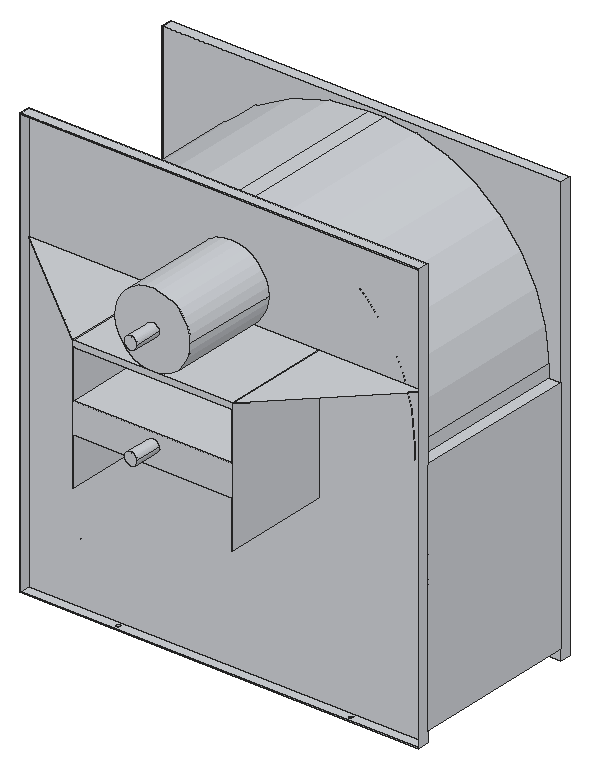
Revit family "CA-4_SWSI_ARR_2_CCW_BHD", category Mechanical Equipment, Revit 2019
Family settings
  Round Connector Dimension = Use Radius
  Part Type = Normal
  Work Plane-Based = No
  Always vertical = Yes
  Cut with Voids When Loaded = No
  Shared = No
  Room Calculation Point = No
Parameters (values of type "600_CA-4_SWSI_ARR_2_CCW_BHD_CLASS_2")
  S = 32"
  R = 49 5/16"
  P = 24 21/32"
  O/2 = O / 2  # 17/32"
  O = 1 1/16"
  N/2 = N / 2  # 1 23/32"
  N = 3 7/16"
  ModelID [instance] = ""
  MOTOR_RAD = N * 3  # 10 5/16"
  M = 66 11/16"
  L = 10"
  K = 56 11/16"
  J = 3"
  INLET_RAD/2 = INLET_RAD / 2  # 16 1/2"
  INLET_RAD+1.5" = INLET_RAD + 1 1/2"  # 34 1/2"
  INLET_RAD = INLET_DIA / 2  # 33"
  INLET_DIA = 66"
  H = 51 5/8"
  G/5 = G / 5  # 21.925"
  G = 109 5/8"
  F = 118"
  Unit Weight [instance] = ""
  Sones [instance] = ""
  Motor RPM [instance] = ""
  Motor Enclosure [instance] = ""
  LwA [instance] = ""
  Fan RPM [instance] = ""
  E = 49 3/4"
  E-(INLET_RAD+1.5") = F - E - (INLET_RAD + 1 1/2")  # 33 3/4"
  E+(INLET_RAD+1.5") = F - E + (INLET_RAD + 1 1/2")  # 102 3/4"
  F-E = F - E  # 68 1/4"
  D-((D-B)/2) = D - ((D - B) / 2)  # 48 13/16"
  D = 51 13/16"
  B = 45 13/16"
  Accessories [instance] = ""
  ARR_2_L-ARR_2_K = ARR_2_L - ARR_2_K  # 26 7/8"
  ARR_2_L = 34 3/8"
  ARR_2_K = 7 1/2"
  A = 65 5/8"
  3" = 3"  # constant formula
  Brake Hp [instance] = ""
  4" = 4"  # constant formula
  2N = N + N  # 6 7/8"
  2' = 24"
  2" = 2"  # constant formula
  1" = 1"  # constant formula
  0 = 0"  # constant formula
  Voltage [instance] = 0 V
  URL = "www.lorencook.com"
  Type Comments = "Airfoil Centrifugal Blower Arrangement 2 Counter-Clockwise Bottom Horizontal Discharge"  # constant formula
  Static Pressure [instance] = 0.00 in-wg
  Power [instance] = Voltage * Motor FLA * sqrt(if(Phase = 3, 3, 1))  # 0 VA
  Phase [instance] = 0
  Number of Poles [instance] = 1
  Motor Hp [instance] = "0"
  Motor FLA [instance] = 0 A
  Model = "CA-4 SWSI ARR 2 CCW BHD CLASS 2"
  Manufacturer = "Loren Cook Company"
  CFM [instance] = 0 CFM
  1.5 = 1 1/2"  # constant formula
  ONE EIGTH = 1/8"  # constant formula
  -(ARR_2_L - ARR_2_K) = -(ARR_2_L - ARR_2_K)  # -26 7/8"
  -(((K-B)/2)-.125") = -(((K - B) / 2) - 1/8")  # -5 5/16"
  -(((D - B) / 2) - 1/8") = -(((D - B) / 2) - 1/8")  # -2 7/8"
  (R-B)/2 = (R - B) / 2  # 1 3/4"
  ((K-B)/2)+B = ((K - B) / 2) + B  # 51 1/4"
  (D-B)/2 = (D - B) / 2  # 3"
  -(((K-B)/2)+L) = -(((K - B) / 2) + L)  # -15 7/16"
  ((D-B)/2)-.125" = ((D - B) / 2) - 1/8"  # 2 7/8"
Types (55): name | S | R | P | O/2 | O | N/2 | N | MOTOR_RAD | M | L | K | J | INLET_RAD/2 | INLET_RAD+1.5" | INLET_RAD | INLET_DIA | H | G/5 | G | F | E | E-(INLET_RAD+1.5") | E+(INLET_RAD+1.5") | F-E | D-((D-B)/2) | D | B | ARR_2_L-ARR_2_K | ARR_2_L | ARR_2_K | A | 2N | Model | -(ARR_2_L - ARR_2_K) | -(((K-B)/2)-.125") | -(((D - B) / 2) - 1/8") | (R-B)/2 | ((K-B)/2)+B | (D-B)/2 | -(((K-B)/2)+L) | ((D-B)/2)-.125"
  (no name) | 32" | 49 5/16" | 24 21/32" | 17/32" | 1 1/16" | 1 23/32" | 3 7/16" | 10 5/16" | 66 11/16" | 10" | 56 11/16" | 3" | 16 1/2" | 34 1/2" | 33" | 66" | 51 5/8" | 21.925" | 109 5/8" | 118" | 49 3/4" | 33 3/4" | 102 3/4" | 68 1/4" | 48 13/16" | 51 13/16" | 45 13/16" | 26 7/8" | 34 3/8" | 7 1/2" | 65 5/8" | 6 7/8" | "CA-4 SWSI ARR 2 CCW BHD CLASS 2" | -26 7/8" | -5 5/16" | -2 7/8" | 1 3/4" | 51 1/4" | 3" | -15 7/16" | 2 7/8"
  120_CA-4_SWSI_ARR_2_CCW_BHD_CLASS_1 | 7 1/2" | 11 7/16" | 5 23/32" | 11/32" | 11/16" | 1/2" | 1" | 3" | 18 7/8" | 3" | 15 7/8" | 2" | 4 1/16" | 9 5/8" | 8 1/8" | 16 1/4" | 10 3/8" | 4.55" | 22 3/4" | 25 3/4" | 10 3/4" | 5 3/8" | 24 5/8" | 15" | 11 3/16" | 13 3/16" | 9 3/16" | 17 5/8" | 21 5/8" | 4" | 13 1/8" | 2" | "CA-4 SWSI ARR 2 CCW BHD CLASS 1" | -17 5/8" | -3 7/32" | -1 7/8" | 1 1/8" | 12 17/32" | 2" | -6 11/32" | 1 7/8"
  120_CA-4_SWSI_ARR_2_CCW_BHD_CLASS_2 | 7 1/2" | 11 7/16" | 5 23/32" | 11/32" | 11/16" | 1/2" | 1" | 3" | 18 7/8" | 3" | 15 7/8" | 2" | 4 1/16" | 9 5/8" | 8 1/8" | 16 1/4" | 10 3/8" | 4.55" | 22 3/4" | 25 3/4" | 10 3/4" | 5 3/8" | 24 5/8" | 15" | 11 3/16" | 13 3/16" | 9 3/16" | 17 5/8" | 21 5/8" | 4" | 13 1/8" | 2" | "CA-4 SWSI ARR 2 CCW BHD CLASS 2" | -17 5/8" | -3 7/32" | -1 7/8" | 1 1/8" | 12 17/32" | 2" | -6 11/32" | 1 7/8"
  120_CA-4_SWSI_ARR_2_CCW_BHD_CLASS_3 | 7 1/2" | 11 7/16" | 5 23/32" | 11/32" | 11/16" | 19/32" | 1 3/16" | 3 9/16" | 18 7/8" | 3" | 15 7/8" | 2" | 4 1/16" | 9 5/8" | 8 1/8" | 16 1/4" | 10 3/8" | 4.55" | 22 3/4" | 25 3/4" | 10 3/4" | 5 3/8" | 24 5/8" | 15" | 11 3/16" | 13 3/16" | 9 3/16" | 17 5/8" | 21 5/8" | 4" | 13 1/8" | 2 3/8" | "CA-4 SWSI ARR 2 CCW BHD CLASS 3" | -17 5/8" | -3 7/32" | -1 7/8" | 1 1/8" | 12 17/32" | 2" | -6 11/32" | 1 7/8"
  135_CA-4_SWSI_ARR_2_CCW_BHD_CLASS_1 | 8 1/2" | 12 9/16" | 6 9/32" | 11/32" | 11/16" | 1/2" | 1" | 3" | 20" | 3" | 17" | 2" | 4 7/16" | 10 3/8" | 8 7/8" | 17 3/4" | 11 5/8" | 5.1" | 25 1/2" | 28 3/4" | 12" | 6 3/8" | 27 1/8" | 16 3/4" | 12 5/16" | 14 5/16" | 10 5/16" | 17 5/8" | 21 5/8" | 4" | 14 3/4" | 2" | "CA-4 SWSI ARR 2 CCW BHD CLASS 1" | -17 5/8" | -3 7/32" | -1 7/8" | 1 1/8" | 13 21/32" | 2" | -6 11/32" | 1 7/8"
  135_CA-4_SWSI_ARR_2_CCW_BHD_CLASS_2 | 8 1/2" | 12 9/16" | 6 9/32" | 11/32" | 11/16" | 1/2" | 1" | 3" | 20" | 3" | 17" | 2" | 4 7/16" | 10 3/8" | 8 7/8" | 17 3/4" | 11 5/8" | 5.1" | 25 1/2" | 28 3/4" | 12" | 6 3/8" | 27 1/8" | 16 3/4" | 12 5/16" | 14 5/16" | 10 5/16" | 17 5/8" | 21 5/8" | 4" | 14 3/4" | 2" | "CA-4 SWSI ARR 2 CCW BHD CLASS 2" | -17 5/8" | -3 7/32" | -1 7/8" | 1 1/8" | 13 21/32" | 2" | -6 11/32" | 1 7/8"
  135_CA-4_SWSI_ARR_2_CCW_BHD_CLASS_3 | 8 1/2" | 12 9/16" | 6 9/32" | 11/32" | 11/16" | 19/32" | 1 3/16" | 3 9/16" | 20" | 3" | 17" | 2" | 4 7/16" | 10 3/8" | 8 7/8" | 17 3/4" | 11 5/8" | 5.1" | 25 1/2" | 28 3/4" | 12" | 6 3/8" | 27 1/8" | 16 3/4" | 12 5/16" | 14 5/16" | 10 5/16" | 17 5/8" | 21 5/8" | 4" | 14 3/4" | 2 3/8" | "CA-4 SWSI ARR 2 CCW BHD CLASS 3" | -17 5/8" | -3 7/32" | -1 7/8" | 1 1/8" | 13 21/32" | 2" | -6 11/32" | 1 7/8"
  150_CA-4_SWSI_ARR_2_CCW_BHD_CLASS_1 | 9" | 13 11/16" | 6 27/32" | 11/32" | 11/16" | 1/2" | 1" | 3" | 21 1/8" | 3" | 18 1/8" | 2" | 4 13/16" | 11 1/8" | 9 5/8" | 19 1/4" | 12 7/8" | 5 5/8" | 28 1/8" | 31 5/8" | 13 1/4" | 7 1/4" | 29 1/2" | 18 3/8" | 13 7/16" | 15 7/16" | 11 7/16" | 17 5/8" | 21 5/8" | 4" | 16 7/16" | 2" | "CA-4 SWSI ARR 2 CCW BHD CLASS 1" | -17 5/8" | -3 7/32" | -1 7/8" | 1 1/8" | 14 25/32" | 2" | -6 11/32" | 1 7/8"
  150_CA-4_SWSI_ARR_2_CCW_BHD_CLASS_2 | 9" | 13 11/16" | 6 27/32" | 11/32" | 11/16" | 19/32" | 1 3/16" | 3 9/16" | 21 1/8" | 3" | 18 1/8" | 2" | 4 13/16" | 11 1/8" | 9 5/8" | 19 1/4" | 12 7/8" | 5 5/8" | 28 1/8" | 31 5/8" | 13 1/4" | 7 1/4" | 29 1/2" | 18 3/8" | 13 7/16" | 15 7/16" | 11 7/16" | 17 5/8" | 21 5/8" | 4" | 16 7/16" | 2 3/8" | "CA-4 SWSI ARR 2 CCW BHD CLASS 2" | -17 5/8" | -3 7/32" | -1 7/8" | 1 1/8" | 14 25/32" | 2" | -6 11/32" | 1 7/8"
  150_CA-4_SWSI_ARR_2_CCW_BHD_CLASS_3 | 9" | 13 11/16" | 6 27/32" | 11/32" | 11/16" | 23/32" | 1 7/16" | 4 5/16" | 21 1/8" | 3" | 18 1/8" | 2" | 4 13/16" | 11 1/8" | 9 5/8" | 19 1/4" | 12 7/8" | 5 5/8" | 28 1/8" | 31 5/8" | 13 1/4" | 7 1/4" | 29 1/2" | 18 3/8" | 13 7/16" | 15 7/16" | 11 7/16" | 17 5/8" | 21 5/8" | 4" | 16 7/16" | 2 7/8" | "CA-4 SWSI ARR 2 CCW BHD CLASS 3" | -17 5/8" | -3 7/32" | -1 7/8" | 1 1/8" | 14 25/32" | 2" | -6 11/32" | 1 7/8"
  165_CA-4_SWSI_ARR_2_CCW_BHD_CLASS_1 | 10" | 14 7/8" | 7 7/16" | 11/32" | 11/16" | 1/2" | 1" | 3" | 23 15/16" | 4" | 19 5/16" | 2" | 5 5/16" | 12 1/8" | 10 5/8" | 21 1/4" | 14 1/4" | 6.175" | 30 7/8" | 34 3/8" | 14 3/8" | 7 7/8" | 32 1/8" | 20" | 14 5/8" | 16 5/8" | 12 5/8" | 17 5/8" | 21 5/8" | 4" | 18 1/16" | 2" | "CA-4 SWSI ARR 2 CCW BHD CLASS 1" | -17 5/8" | -3 7/32" | -1 7/8" | 1 1/8" | 15 31/32" | 2" | -7 11/32" | 1 7/8"
  165_CA-4_SWSI_ARR_2_CCW_BHD_CLASS_2 | 10" | 14 7/8" | 7 7/16" | 11/32" | 11/16" | 19/32" | 1 3/16" | 3 9/16" | 23 15/16" | 4" | 19 5/16" | 2" | 5 5/16" | 12 1/8" | 10 5/8" | 21 1/4" | 14 1/4" | 6.175" | 30 7/8" | 34 3/8" | 14 3/8" | 7 7/8" | 32 1/8" | 20" | 14 5/8" | 16 5/8" | 12 5/8" | 17 5/8" | 21 5/8" | 4" | 18 1/16" | 2 3/8" | "CA-4 SWSI ARR 2 CCW BHD CLASS 2" | -17 5/8" | -3 7/32" | -1 7/8" | 1 1/8" | 15 31/32" | 2" | -7 11/32" | 1 7/8"
  165_CA-4_SWSI_ARR_2_CCW_BHD_CLASS_3 | 10" | 14 7/8" | 7 7/16" | 11/32" | 11/16" | 23/32" | 1 7/16" | 4 5/16" | 23 15/16" | 4" | 19 5/16" | 2" | 5 5/16" | 12 1/8" | 10 5/8" | 21 1/4" | 14 1/4" | 6.175" | 30 7/8" | 34 3/8" | 14 3/8" | 7 7/8" | 32 1/8" | 20" | 14 5/8" | 16 5/8" | 12 5/8" | 17 5/8" | 21 5/8" | 4" | 18 1/16" | 2 7/8" | "CA-4 SWSI ARR 2 CCW BHD CLASS 3" | -17 5/8" | -3 7/32" | -1 7/8" | 1 1/8" | 15 31/32" | 2" | -7 11/32" | 1 7/8"
  180_CA-4_SWSI_ARR_2_CCW_BHD_CLASS_1 | 11" | 16" | 8" | 11/32" | 11/16" | 19/32" | 1 3/16" | 3 9/16" | 24 15/16" | 4 1/2" | 20 7/16" | 2" | 5 11/16" | 12 7/8" | 11 3/8" | 22 3/4" | 15 1/2" | 6.725" | 33 5/8" | 37 1/8" | 15 5/8" | 8 5/8" | 34 3/8" | 21 1/2" | 15 3/4" | 17 3/4" | 13 3/4" | 20 1/8" | 24 3/8" | 4 1/4" | 19 11/16" | 2 3/8" | "CA-4 SWSI ARR 2 CCW BHD CLASS 1" | -20 1/8" | -3 7/32" | -1 7/8" | 1 1/8" | 17 3/32" | 2" | -7 27/32" | 1 7/8"
  180_CA-4_SWSI_ARR_2_CCW_BHD_CLASS_2 | 11" | 16" | 8" | 11/32" | 11/16" | 23/32" | 1 7/16" | 4 5/16" | 24 15/16" | 4 1/2" | 20 7/16" | 2" | 5 11/16" | 12 7/8" | 11 3/8" | 22 3/4" | 15 1/2" | 6.725" | 33 5/8" | 37 1/8" | 15 5/8" | 8 5/8" | 34 3/8" | 21 1/2" | 15 3/4" | 17 3/4" | 13 3/4" | 20 1/8" | 24 3/8" | 4 1/4" | 19 11/16" | 2 7/8" | "CA-4 SWSI ARR 2 CCW BHD CLASS 2" | -20 1/8" | -3 7/32" | -1 7/8" | 1 1/8" | 17 3/32" | 2" | -7 27/32" | 1 7/8"
  180_CA-4_SWSI_ARR_2_CCW_BHD_CLASS_3 | 11" | 16" | 8" | 11/32" | 11/16" | 27/32" | 1 11/16" | 5 1/16" | 24 15/16" | 4 1/2" | 20 7/16" | 2" | 5 11/16" | 12 7/8" | 11 3/8" | 22 3/4" | 15 1/2" | 6.725" | 33 5/8" | 37 1/8" | 15 5/8" | 8 5/8" | 34 3/8" | 21 1/2" | 15 3/4" | 17 3/4" | 13 3/4" | 20 1/8" | 24 3/8" | 4 1/4" | 19 11/16" | 3 3/8" | "CA-4 SWSI ARR 2 CCW BHD CLASS 3" | -20 1/8" | -3 7/32" | -1 7/8" | 1 1/8" | 17 3/32" | 2" | -7 27/32" | 1 7/8"
  195_CA-4_SWSI_ARR_2_CCW_BHD_CLASS_1 | 11 1/2" | 17 3/16" | 8 19/32" | 11/32" | 11/16" | 23/32" | 1 7/16" | 4 5/16" | 27 3/16" | 4 1/2" | 22 11/16" | 2" | 6 1/16" | 13 5/8" | 12 1/8" | 24 1/4" | 16 3/4" | 7 1/4" | 36 1/4" | 40" | 16 3/4" | 9 5/8" | 36 7/8" | 23 1/4" | 16 15/16" | 18 15/16" | 14 15/16" | 20 1/8" | 24 3/8" | 4 1/4" | 21 5/16" | 2 7/8" | "CA-4 SWSI ARR 2 CCW BHD CLASS 1" | -20 1/8" | -3 3/4" | -1 7/8" | 1 1/8" | 18 13/16" | 2" | -8 3/8" | 1 7/8"
  195_CA-4_SWSI_ARR_2_CCW_BHD_CLASS_2 | 11 1/2" | 17 3/16" | 8 19/32" | 11/32" | 11/16" | 23/32" | 1 7/16" | 4 5/16" | 27 3/16" | 4 1/2" | 22 11/16" | 2" | 6 1/16" | 13 5/8" | 12 1/8" | 24 1/4" | 16 3/4" | 7 1/4" | 36 1/4" | 40" | 16 3/4" | 9 5/8" | 36 7/8" | 23 1/4" | 16 15/16" | 18 15/16" | 14 15/16" | 20 1/8" | 24 3/8" | 4 1/4" | 21 5/16" | 2 7/8" | "CA-4 SWSI ARR 2 CCW BHD CLASS 2" | -20 1/8" | -3 3/4" | -1 7/8" | 1 1/8" | 18 13/16" | 2" | -8 3/8" | 1 7/8"
  195_CA-4_SWSI_ARR_2_CCW_BHD_CLASS_3 | 11 1/2" | 17 3/16" | 8 19/32" | 11/32" | 11/16" | 27/32" | 1 11/16" | 5 1/16" | 27 3/16" | 4 1/2" | 22 11/16" | 2" | 6 1/16" | 13 5/8" | 12 1/8" | 24 1/4" | 16 3/4" | 7 1/4" | 36 1/4" | 40" | 16 3/4" | 9 5/8" | 36 7/8" | 23 1/4" | 16 15/16" | 18 15/16" | 14 15/16" | 20 1/8" | 24 3/8" | 4 1/4" | 21 5/16" | 3 3/8" | "CA-4 SWSI ARR 2 CCW BHD CLASS 3" | -20 1/8" | -3 3/4" | -1 7/8" | 1 1/8" | 18 13/16" | 2" | -8 3/8" | 1 7/8"
  210_CA-4_SWSI_ARR_2_CCW_BHD_CLASS_1 | 12" | 18 5/16" | 9 5/32" | 13/32" | 13/16" | 23/32" | 1 7/16" | 4 5/16" | 28 13/16" | 5" | 23 13/16" | 2" | 6 1/2" | 14 1/2" | 13" | 26" | 18 1/8" | 7.825" | 39 1/8" | 42 7/8" | 18" | 10 3/8" | 39 3/8" | 24 7/8" | 18 1/16" | 20 1/16" | 16 1/16" | 23 1/8" | 27 3/8" | 4 1/4" | 23" | 2 7/8" | "CA-4 SWSI ARR 2 CCW BHD CLASS 1" | -23 1/8" | -3 3/4" | -1 7/8" | 1 1/8" | 19 15/16" | 2" | -8 7/8" | 1 7/8"
  210_CA-4_SWSI_ARR_2_CCW_BHD_CLASS_2 | 12" | 18 5/16" | 9 5/32" | 13/32" | 13/16" | 23/32" | 1 7/16" | 4 5/16" | 28 13/16" | 5" | 23 13/16" | 2" | 6 1/2" | 14 1/2" | 13" | 26" | 18 1/8" | 7.825" | 39 1/8" | 42 7/8" | 18" | 10 3/8" | 39 3/8" | 24 7/8" | 18 1/16" | 20 1/16" | 16 1/16" | 23 1/8" | 27 3/8" | 4 1/4" | 23" | 2 7/8" | "CA-4 SWSI ARR 2 CCW BHD CLASS 2" | -23 1/8" | -3 3/4" | -1 7/8" | 1 1/8" | 19 15/16" | 2" | -8 7/8" | 1 7/8"
  210_CA-4_SWSI_ARR_2_CCW_BHD_CLASS_3 | 12" | 18 5/16" | 9 5/32" | 13/32" | 13/16" | 27/32" | 1 11/16" | 5 1/16" | 28 13/16" | 5" | 23 13/16" | 2" | 6 1/2" | 14 1/2" | 13" | 26" | 18 1/8" | 7.825" | 39 1/8" | 42 7/8" | 18" | 10 3/8" | 39 3/8" | 24 7/8" | 18 1/16" | 20 1/16" | 16 1/16" | 23 1/8" | 27 3/8" | 4 1/4" | 23" | 3 3/8" | "CA-4 SWSI ARR 2 CCW BHD CLASS 3" | -23 1/8" | -3 3/4" | -1 7/8" | 1 1/8" | 19 15/16" | 2" | -8 7/8" | 1 7/8"
  225_CA-4_SWSI_ARR_2_CCW_BHD_CLASS_1 | 12 1/2" | 19 7/16" | 9 23/32" | 13/32" | 13/16" | 23/32" | 1 7/16" | 4 5/16" | 29 15/16" | 5" | 24 15/16" | 2" | 6 7/8" | 15 1/4" | 13 3/4" | 27 1/2" | 19 3/8" | 8.35" | 41 3/4" | 45 3/4" | 19 1/4" | 11 1/4" | 41 3/4" | 26 1/2" | 19 3/16" | 21 3/16" | 17 3/16" | 23 1/8" | 27 3/8" | 4 1/4" | 24 5/8" | 2 7/8" | "CA-4 SWSI ARR 2 CCW BHD CLASS 1" | -23 1/8" | -3 3/4" | -1 7/8" | 1 1/8" | 21 1/16" | 2" | -8 7/8" | 1 7/8"
  225_CA-4_SWSI_ARR_2_CCW_BHD_CLASS_2 | 12 1/2" | 19 7/16" | 9 23/32" | 13/32" | 13/16" | 23/32" | 1 7/16" | 4 5/16" | 29 15/16" | 5" | 24 15/16" | 2" | 6 7/8" | 15 1/4" | 13 3/4" | 27 1/2" | 19 3/8" | 8.35" | 41 3/4" | 45 3/4" | 19 1/4" | 11 1/4" | 41 3/4" | 26 1/2" | 19 3/16" | 21 3/16" | 17 3/16" | 23 1/8" | 27 3/8" | 4 1/4" | 24 5/8" | 2 7/8" | "CA-4 SWSI ARR 2 CCW BHD CLASS 2" | -23 1/8" | -3 3/4" | -1 7/8" | 1 1/8" | 21 1/16" | 2" | -8 7/8" | 1 7/8"
  225_CA-4_SWSI_ARR_2_CCW_BHD_CLASS_3 | 12 1/2" | 19 7/16" | 9 23/32" | 13/32" | 13/16" | 27/32" | 1 11/16" | 5 1/16" | 29 15/16" | 5" | 24 15/16" | 2" | 6 7/8" | 15 1/4" | 13 3/4" | 27 1/2" | 19 3/8" | 8.35" | 41 3/4" | 45 3/4" | 19 1/4" | 11 1/4" | 41 3/4" | 26 1/2" | 19 3/16" | 21 3/16" | 17 3/16" | 23 1/8" | 27 3/8" | 4 1/4" | 24 5/8" | 3 3/8" | "CA-4 SWSI ARR 2 CCW BHD CLASS 3" | -23 1/8" | -3 3/4" | -1 7/8" | 1 1/8" | 21 1/16" | 2" | -8 7/8" | 1 7/8"
  245_CA-4_SWSI_ARR_2_CCW_BHD_CLASS_1 | 13 1/2" | 21" | 10 1/2" | 13/32" | 13/16" | 23/32" | 1 7/16" | 4 5/16" | 32" | 5 1/2" | 26 1/2" | 2" | 7 3/8" | 16 1/4" | 14 3/4" | 29 1/2" | 21 1/8" | 9.075" | 45 3/8" | 49 1/2" | 20 7/8" | 12 3/8" | 44 7/8" | 28 5/8" | 20 3/4" | 22 3/4" | 18 3/4" | 22 9/16" | 27 13/16" | 5 1/4" | 26 13/16" | 2 7/8" | "CA-4 SWSI ARR 2 CCW BHD CLASS 1" | -22 9/16" | -3 3/4" | -1 7/8" | 1 1/8" | 22 5/8" | 2" | -9 3/8" | 1 7/8"
  245_CA-4_SWSI_ARR_2_CCW_BHD_CLASS_2 | 13 1/2" | 21" | 10 1/2" | 13/32" | 13/16" | 27/32" | 1 11/16" | 5 1/16" | 32" | 5 1/2" | 26 1/2" | 2" | 7 3/8" | 16 1/4" | 14 3/4" | 29 1/2" | 21 1/8" | 9.075" | 45 3/8" | 49 1/2" | 20 7/8" | 12 3/8" | 44 7/8" | 28 5/8" | 20 3/4" | 22 3/4" | 18 3/4" | 22 9/16" | 27 13/16" | 5 1/4" | 26 13/16" | 3 3/8" | "CA-4 SWSI ARR 2 CCW BHD CLASS 2" | -22 9/16" | -3 3/4" | -1 7/8" | 1 1/8" | 22 5/8" | 2" | -9 3/8" | 1 7/8"
  245_CA-4_SWSI_ARR_2_CCW_BHD_CLASS_3 | 13 1/2" | 21" | 10 1/2" | 13/32" | 13/16" | 31/32" | 1 15/16" | 5 13/16" | 32" | 5 1/2" | 26 1/2" | 2" | 7 3/8" | 16 1/4" | 14 3/4" | 29 1/2" | 21 1/8" | 9.075" | 45 3/8" | 49 1/2" | 20 7/8" | 12 3/8" | 44 7/8" | 28 5/8" | 20 3/4" | 22 3/4" | 18 3/4" | 22 9/16" | 27 13/16" | 5 1/4" | 26 13/16" | 3 7/8" | "CA-4 SWSI ARR 2 CCW BHD CLASS 3" | -22 9/16" | -3 3/4" | -1 7/8" | 1 1/8" | 22 5/8" | 2" | -9 3/8" | 1 7/8"
  270_CA-4_SWSI_ARR_2_CCW_BHD_CLASS_1 | 15" | 22 7/8" | 11 7/16" | 13/32" | 13/16" | 23/32" | 1 7/16" | 4 5/16" | 34 3/8" | 6" | 28 3/8" | 2" | 8" | 17 1/2" | 16" | 32" | 23 1/4" | 9.975" | 49 7/8" | 54 3/4" | 23 3/8" | 13 7/8" | 48 7/8" | 31 3/8" | 22 5/8" | 24 5/8" | 20 5/8" | 22 9/16" | 27 13/16" | 5 1/4" | 29 9/16" | 2 7/8" | "CA-4 SWSI ARR 2 CCW BHD CLASS 1" | -22 9/16" | -3 3/4" | -1 7/8" | 1 1/8" | 24 1/2" | 2" | -9 7/8" | 1 7/8"
  270_CA-4_SWSI_ARR_2_CCW_BHD_CLASS_2 | 15" | 22 7/8" | 11 7/16" | 13/32" | 13/16" | 27/32" | 1 11/16" | 5 1/16" | 34 3/8" | 6" | 28 3/8" | 2" | 8" | 17 1/2" | 16" | 32" | 23 1/4" | 9.975" | 49 7/8" | 54 3/4" | 23 3/8" | 13 7/8" | 48 7/8" | 31 3/8" | 22 5/8" | 24 5/8" | 20 5/8" | 22 9/16" | 27 13/16" | 5 1/4" | 29 9/16" | 3 3/8" | "CA-4 SWSI ARR 2 CCW BHD CLASS 2" | -22 9/16" | -3 3/4" | -1 7/8" | 1 1/8" | 24 1/2" | 2" | -9 7/8" | 1 7/8"
  270_CA-4_SWSI_ARR_2_CCW_BHD_CLASS_3 | 15" | 22 7/8" | 11 7/16" | 13/32" | 13/16" | 31/32" | 1 15/16" | 5 13/16" | 34 3/8" | 6" | 28 3/8" | 2" | 8" | 17 1/2" | 16" | 32" | 23 1/4" | 9.975" | 49 7/8" | 54 3/4" | 23 3/8" | 13 7/8" | 48 7/8" | 31 3/8" | 22 5/8" | 24 5/8" | 20 5/8" | 22 9/16" | 27 13/16" | 5 1/4" | 29 9/16" | 3 7/8" | "CA-4 SWSI ARR 2 CCW BHD CLASS 3" | -22 9/16" | -3 3/4" | -1 7/8" | 1 1/8" | 24 1/2" | 2" | -9 7/8" | 1 7/8"
  300_CA-4_SWSI_ARR_2_CCW_BHD_CLASS_1 | 16 1/2" | 25 3/16" | 12 19/32" | 13/32" | 13/16" | 27/32" | 1 11/16" | 5 1/16" | 37 3/16" | 6 1/2" | 30 11/16" | 2" | 8 3/4" | 19" | 17 1/2" | 35" | 25 7/8" | 11.075" | 55 3/8" | 60" | 25 3/8" | 15 5/8" | 53 5/8" | 34 5/8" | 24 15/16" | 26 15/16" | 22 15/16" | 24 7/8" | 30 3/4" | 5 7/8" | 32 13/16" | 3 3/8" | "CA-4 SWSI ARR 2 CCW BHD CLASS 1" | -24 7/8" | -3 3/4" | -1 7/8" | 1 1/8" | 26 13/16" | 2" | -10 3/8" | 1 7/8"
  300_CA-4_SWSI_ARR_2_CCW_BHD_CLASS_2 | 16 1/2" | 25 3/16" | 12 19/32" | 13/32" | 13/16" | 31/32" | 1 15/16" | 5 13/16" | 37 3/16" | 6 1/2" | 30 11/16" | 2" | 8 3/4" | 19" | 17 1/2" | 35" | 25 7/8" | 11.075" | 55 3/8" | 60" | 25 3/8" | 15 5/8" | 53 5/8" | 34 5/8" | 24 15/16" | 26 15/16" | 22 15/16" | 24 7/8" | 30 3/4" | 5 7/8" | 32 13/16" | 3 7/8" | "CA-4 SWSI ARR 2 CCW BHD CLASS 2" | -24 7/8" | -3 3/4" | -1 7/8" | 1 1/8" | 26 13/16" | 2" | -10 3/8" | 1 7/8"
  300_CA-4_SWSI_ARR_2_CCW_BHD_CLASS_3 | 16 1/2" | 25 3/16" | 12 19/32" | 13/32" | 13/16" | 1 3/32" | 2 3/16" | 6 9/16" | 37 3/16" | 6 1/2" | 30 11/16" | 2" | 8 3/4" | 19" | 17 1/2" | 35" | 25 7/8" | 11.075" | 55 3/8" | 60" | 25 3/8" | 15 5/8" | 53 5/8" | 34 5/8" | 24 15/16" | 26 15/16" | 22 15/16" | 24 7/8" | 30 3/4" | 5 7/8" | 32 13/16" | 4 3/8" | "CA-4 SWSI ARR 2 CCW BHD CLASS 3" | -24 7/8" | -3 3/4" | -1 7/8" | 1 1/8" | 26 13/16" | 2" | -10 3/8" | 1 7/8"
  330_CA-4_SWSI_ARR_2_CCW_BHD_CLASS_1 | 18" | 27 1/2" | 13 3/4" | 13/32" | 13/16" | 27/32" | 1 11/16" | 5 1/16" | 40" | 7" | 33" | 2" | 9 1/2" | 20 1/2" | 19" | 38" | 28 3/8" | 12.15" | 60 3/4" | 65 3/4" | 27 7/8" | 17 3/8" | 58 3/8" | 37 7/8" | 27 1/4" | 29 1/4" | 25 1/4" | 24 7/8" | 30 3/4" | 5 7/8" | 36 1/8" | 3 3/8" | "CA-4 SWSI ARR 2 CCW BHD CLASS 1" | -24 7/8" | -3 3/4" | -1 7/8" | 1 1/8" | 29 1/8" | 2" | -10 7/8" | 1 7/8"
  330_CA-4_SWSI_ARR_2_CCW_BHD_CLASS_2 | 18" | 27 1/2" | 13 3/4" | 13/32" | 13/16" | 1 3/32" | 2 3/16" | 6 9/16" | 40" | 7" | 33" | 2" | 9 1/2" | 20 1/2" | 19" | 38" | 28 3/8" | 12.15" | 60 3/4" | 65 3/4" | 27 7/8" | 17 3/8" | 58 3/8" | 37 7/8" | 27 1/4" | 29 1/4" | 25 1/4" | 24 7/8" | 30 3/4" | 5 7/8" | 36 1/8" | 4 3/8" | "CA-4 SWSI ARR 2 CCW BHD CLASS 2" | -24 7/8" | -3 3/4" | -1 7/8" | 1 1/8" | 29 1/8" | 2" | -10 7/8" | 1 7/8"
  330_CA-4_SWSI_ARR_2_CCW_BHD_CLASS_3 | 18" | 27 1/2" | 13 3/4" | 13/32" | 13/16" | 1 3/32" | 2 3/16" | 6 9/16" | 40" | 7" | 33" | 2" | 9 1/2" | 20 1/2" | 19" | 38" | 28 3/8" | 12.15" | 60 3/4" | 65 3/4" | 27 7/8" | 17 3/8" | 58 3/8" | 37 7/8" | 27 1/4" | 29 1/4" | 25 1/4" | 24 7/8" | 30 3/4" | 5 7/8" | 36 1/8" | 4 3/8" | "CA-4 SWSI ARR 2 CCW BHD CLASS 3" | -24 7/8" | -3 3/4" | -1 7/8" | 1 1/8" | 29 1/8" | 2" | -10 7/8" | 1 7/8"
  365_CA-4_SWSI_ARR_2_CCW_BHD_CLASS_1 | 20" | 30 1/8" | 15 1/16" | 13/32" | 13/16" | 31/32" | 1 15/16" | 5 13/16" | 43 1/8" | 7 1/2" | 35 5/8" | 2" | 10 3/8" | 22 1/4" | 20 3/4" | 41 1/2" | 31 3/8" | 13.4" | 67" | 72 3/8" | 30 5/8" | 19 1/2" | 64" | 41 3/4" | 29 7/8" | 31 7/8" | 27 7/8" | 27 1/8" | 33" | 5 7/8" | 39 15/16" | 3 7/8" | "CA-4 SWSI ARR 2 CCW BHD CLASS 1" | -27 1/8" | -3 3/4" | -1 7/8" | 1 1/8" | 31 3/4" | 2" | -11 3/8" | 1 7/8"
  365_CA-4_SWSI_ARR_2_CCW_BHD_CLASS_2 | 20" | 30 1/8" | 15 1/16" | 13/32" | 13/16" | 1 7/32" | 2 7/16" | 7 5/16" | 43 1/8" | 7 1/2" | 35 5/8" | 2" | 10 3/8" | 22 1/4" | 20 3/4" | 41 1/2" | 31 3/8" | 13.4" | 67" | 72 3/8" | 30 5/8" | 19 1/2" | 64" | 41 3/4" | 29 7/8" | 31 7/8" | 27 7/8" | 27 1/8" | 33" | 5 7/8" | 39 15/16" | 4 7/8" | "CA-4 SWSI ARR 2 CCW BHD CLASS 2" | -27 1/8" | -3 3/4" | -1 7/8" | 1 1/8" | 31 3/4" | 2" | -11 3/8" | 1 7/8"
  365_CA-4_SWSI_ARR_2_CCW_BHD_CLASS_3 | 20" | 30 1/8" | 15 1/16" | 13/32" | 13/16" | 1 7/32" | 2 7/16" | 7 5/16" | 43 1/8" | 7 1/2" | 35 5/8" | 2" | 10 3/8" | 22 1/4" | 20 3/4" | 41 1/2" | 31 3/8" | 13.4" | 67" | 72 3/8" | 30 5/8" | 19 1/2" | 64" | 41 3/4" | 29 7/8" | 31 7/8" | 27 7/8" | 27 1/8" | 33" | 5 7/8" | 39 15/16" | 4 7/8" | "CA-4 SWSI ARR 2 CCW BHD CLASS 3" | -27 1/8" | -3 3/4" | -1 7/8" | 1 1/8" | 31 3/4" | 2" | -11 3/8" | 1 7/8"
  402_CA-4_SWSI_ARR_2_CCW_BHD_CLASS_1 | 22" | 34 1/4" | 17 1/8" | 17/32" | 1 1/16" | 31/32" | 1 15/16" | 5 13/16" | 46 5/8" | 8" | 38 5/8" | 3" | 11 5/16" | 24 1/8" | 22 5/8" | 45 1/4" | 34 5/8" | 14.775" | 73 7/8" | 80 3/8" | 33 5/8" | 22 5/8" | 70 7/8" | 46 3/4" | 33 3/4" | 36 3/4" | 30 3/4" | 25 7/16" | 31 5/16" | 5 7/8" | 44 1/16" | 3 7/8" | "CA-4 SWSI ARR 2 CCW BHD CLASS 1" | -25 7/16" | -3 13/16" | -2 7/8" | 1 3/4" | 34 11/16" | 3" | -11 15/16" | 2 7/8"
  402_CA-4_SWSI_ARR_2_CCW_BHD_CLASS_2 | 22" | 34 1/4" | 17 1/8" | 17/32" | 1 1/16" | 1 7/32" | 2 7/16" | 7 5/16" | 46 5/8" | 8" | 38 5/8" | 3" | 11 5/16" | 24 1/8" | 22 5/8" | 45 1/4" | 34 5/8" | 14.775" | 73 7/8" | 80 3/8" | 33 5/8" | 22 5/8" | 70 7/8" | 46 3/4" | 33 3/4" | 36 3/4" | 30 3/4" | 25 7/16" | 31 5/16" | 5 7/8" | 44 1/16" | 4 7/8" | "CA-4 SWSI ARR 2 CCW BHD CLASS 2" | -25 7/16" | -3 13/16" | -2 7/8" | 1 3/4" | 34 11/16" | 3" | -11 15/16" | 2 7/8"
  402_CA-4_SWSI_ARR_2_CCW_BHD_CLASS_3 | 22" | 34 1/4" | 17 1/8" | 17/32" | 1 1/16" | 1 11/32" | 2 11/16" | 8 1/16" | 46 5/8" | 8" | 38 5/8" | 3" | 11 5/16" | 24 1/8" | 22 5/8" | 45 1/4" | 34 5/8" | 14.775" | 73 7/8" | 80 3/8" | 33 5/8" | 22 5/8" | 70 7/8" | 46 3/4" | 33 3/4" | 36 3/4" | 30 3/4" | 25 7/16" | 31 5/16" | 5 7/8" | 44 1/16" | 5 3/8" | "CA-4 SWSI ARR 2 CCW BHD CLASS 3" | -25 7/16" | -3 13/16" | -2 7/8" | 1 3/4" | 34 11/16" | 3" | -11 15/16" | 2 7/8"
  445_CA-4_SWSI_ARR_2_CCW_BHD_CLASS_1 | 24" | 37 1/2" | 18 3/4" | 17/32" | 1 1/16" | 31/32" | 1 15/16" | 5 13/16" | 50 3/8" | 8 1/2" | 41 7/8" | 3" | 12 3/8" | 26 1/4" | 24 3/4" | 49 1/2" | 38 1/4" | 16.3" | 81 1/2" | 88 1/2" | 37 1/8" | 25 1/8" | 77 5/8" | 51 3/8" | 37" | 40" | 34" | 26 11/16" | 33 1/16" | 6 3/8" | 48 11/16" | 3 7/8" | "CA-4 SWSI ARR 2 CCW BHD CLASS 1" | -26 11/16" | -3 13/16" | -2 7/8" | 1 3/4" | 37 15/16" | 3" | -12 7/16" | 2 7/8"
  445_CA-4_SWSI_ARR_2_CCW_BHD_CLASS_2 | 24" | 37 1/2" | 18 3/4" | 17/32" | 1 1/16" | 1 11/32" | 2 11/16" | 8 1/16" | 50 3/8" | 8 1/2" | 41 7/8" | 3" | 12 3/8" | 26 1/4" | 24 3/4" | 49 1/2" | 38 1/4" | 16.3" | 81 1/2" | 88 1/2" | 37 1/8" | 25 1/8" | 77 5/8" | 51 3/8" | 37" | 40" | 34" | 26 11/16" | 33 1/16" | 6 3/8" | 48 11/16" | 5 3/8" | "CA-4 SWSI ARR 2 CCW BHD CLASS 2" | -26 11/16" | -3 13/16" | -2 7/8" | 1 3/4" | 37 15/16" | 3" | -12 7/16" | 2 7/8"
  445_CA-4_SWSI_ARR_2_CCW_BHD_CLASS_3 | 24" | 37 1/2" | 18 3/4" | 17/32" | 1 1/16" | 1 15/32" | 2 15/16" | 8 13/16" | 50 3/8" | 8 1/2" | 41 7/8" | 3" | 12 3/8" | 26 1/4" | 24 3/4" | 49 1/2" | 38 1/4" | 16.3" | 81 1/2" | 88 1/2" | 37 1/8" | 25 1/8" | 77 5/8" | 51 3/8" | 37" | 40" | 34" | 26 11/16" | 33 1/16" | 6 3/8" | 48 11/16" | 5 7/8" | "CA-4 SWSI ARR 2 CCW BHD CLASS 3" | -26 11/16" | -3 13/16" | -2 7/8" | 1 3/4" | 37 15/16" | 3" | -12 7/16" | 2 7/8"
  490_CA-4_SWSI_ARR_2_CCW_BHD_CLASS_1 | 26 1/2" | 40 15/16" | 20 15/32" | 17/32" | 1 1/16" | 1 3/32" | 2 3/16" | 6 9/16" | 55 5/16" | 9" | 46 5/16" | 3" | 13 3/4" | 29" | 27 1/2" | 55" | 42 1/4" | 17.95" | 89 3/4" | 97" | 40 3/4" | 27 1/4" | 85 1/4" | 56 1/4" | 40 7/16" | 43 7/16" | 37 7/16" | 26 11/16" | 33 1/16" | 6 3/8" | 53 5/8" | 4 3/8" | "CA-4 SWSI ARR 2 CCW BHD CLASS 1" | -26 11/16" | -4 5/16" | -2 7/8" | 1 3/4" | 41 7/8" | 3" | -13 7/16" | 2 7/8"
  490_CA-4_SWSI_ARR_2_CCW_BHD_CLASS_2 | 26 1/2" | 40 15/16" | 20 15/32" | 17/32" | 1 1/16" | 1 11/32" | 2 11/16" | 8 1/16" | 55 5/16" | 9" | 46 5/16" | 3" | 13 3/4" | 29" | 27 1/2" | 55" | 42 1/4" | 17.95" | 89 3/4" | 97" | 40 3/4" | 27 1/4" | 85 1/4" | 56 1/4" | 40 7/16" | 43 7/16" | 37 7/16" | 26 11/16" | 33 1/16" | 6 3/8" | 53 5/8" | 5 3/8" | "CA-4 SWSI ARR 2 CCW BHD CLASS 2" | -26 11/16" | -4 5/16" | -2 7/8" | 1 3/4" | 41 7/8" | 3" | -13 7/16" | 2 7/8"
  490_CA-4_SWSI_ARR_2_CCW_BHD_CLASS_3 | 26 1/2" | 40 15/16" | 20 15/32" | 17/32" | 1 1/16" | 1 15/32" | 2 15/16" | 8 13/16" | 55 5/16" | 9" | 46 5/16" | 3" | 13 3/4" | 29" | 27 1/2" | 55" | 42 1/4" | 17.95" | 89 3/4" | 97" | 40 3/4" | 27 1/4" | 85 1/4" | 56 1/4" | 40 7/16" | 43 7/16" | 37 7/16" | 26 11/16" | 33 1/16" | 6 3/8" | 53 5/8" | 5 7/8" | "CA-4 SWSI ARR 2 CCW BHD CLASS 3" | -26 11/16" | -4 5/16" | -2 7/8" | 1 3/4" | 41 7/8" | 3" | -13 7/16" | 2 7/8"
  540_CA-4_SWSI_ARR_2_CCW_BHD_CLASS_1 | 29" | 44 3/4" | 22 3/8" | 17/32" | 1 1/16" | 1 23/32" | 3 7/16" | 10 5/16" | 61 5/8" | 9 1/2" | 52 1/8" | 3" | 15" | 31 1/2" | 30" | 60" | 46 1/2" | 19 3/4" | 98 3/4" | 106 5/8" | 44 7/8" | 30 1/4" | 93 1/4" | 61 3/4" | 44 1/4" | 47 1/4" | 41 1/4" | 26 7/8" | 34 3/8" | 7 1/2" | 59 1/16" | 6 7/8" | "CA-4 SWSI ARR 2 CCW BHD CLASS 1" | -26 7/8" | -5 5/16" | -2 7/8" | 1 3/4" | 46 11/16" | 3" | -14 15/16" | 2 7/8"
  540_CA-4_SWSI_ARR_2_CCW_BHD_CLASS_2 | 29" | 44 3/4" | 22 3/8" | 17/32" | 1 1/16" | 1 15/32" | 2 15/16" | 8 13/16" | 61 5/8" | 9 1/2" | 52 1/8" | 3" | 15" | 31 1/2" | 30" | 60" | 46 1/2" | 19 3/4" | 98 3/4" | 106 5/8" | 44 7/8" | 30 1/4" | 93 1/4" | 61 3/4" | 44 1/4" | 47 1/4" | 41 1/4" | 26 7/8" | 34 3/8" | 7 1/2" | 59 1/16" | 5 7/8" | "CA-4 SWSI ARR 2 CCW BHD CLASS 2" | -26 7/8" | -5 5/16" | -2 7/8" | 1 3/4" | 46 11/16" | 3" | -14 15/16" | 2 7/8"
  540_CA-4_SWSI_ARR_2_CCW_BHD_CLASS_3 | 29" | 44 3/4" | 22 3/8" | 17/32" | 1 1/16" | 1 23/32" | 3 7/16" | 10 5/16" | 61 5/8" | 9 1/2" | 52 1/8" | 3" | 15" | 31 1/2" | 30" | 60" | 46 1/2" | 19 3/4" | 98 3/4" | 106 5/8" | 44 7/8" | 30 1/4" | 93 1/4" | 61 3/4" | 44 1/4" | 47 1/4" | 41 1/4" | 26 7/8" | 34 3/8" | 7 1/2" | 59 1/16" | 6 7/8" | "CA-4 SWSI ARR 2 CCW BHD CLASS 3" | -26 7/8" | -5 5/16" | -2 7/8" | 1 3/4" | 46 11/16" | 3" | -14 15/16" | 2 7/8"
  600_CA-4_SWSI_ARR_2_CCW_BHD_CLASS_1 | 32" | 49 5/16" | 24 21/32" | 17/32" | 1 1/16" | 1 11/32" | 2 11/16" | 8 1/16" | 66 11/16" | 10" | 56 11/16" | 3" | 16 1/2" | 34 1/2" | 33" | 66" | 51 5/8" | 21.925" | 109 5/8" | 118" | 49 3/4" | 33 3/4" | 102 3/4" | 68 1/4" | 48 13/16" | 51 13/16" | 45 13/16" | 26 7/8" | 34 3/8" | 7 1/2" | 65 5/8" | 5 3/8" | "CA-4 SWSI ARR 2 CCW BHD CLASS 1" | -26 7/8" | -5 5/16" | -2 7/8" | 1 3/4" | 51 1/4" | 3" | -15 7/16" | 2 7/8"
  600_CA-4_SWSI_ARR_2_CCW_BHD_CLASS_2 | 32" | 49 5/16" | 24 21/32" | 17/32" | 1 1/16" | 1 23/32" | 3 7/16" | 10 5/16" | 66 11/16" | 10" | 56 11/16" | 3" | 16 1/2" | 34 1/2" | 33" | 66" | 51 5/8" | 21.925" | 109 5/8" | 118" | 49 3/4" | 33 3/4" | 102 3/4" | 68 1/4" | 48 13/16" | 51 13/16" | 45 13/16" | 26 7/8" | 34 3/8" | 7 1/2" | 65 5/8" | 6 7/8" | "CA-4 SWSI ARR 2 CCW BHD CLASS 2" | -26 7/8" | -5 5/16" | -2 7/8" | 1 3/4" | 51 1/4" | 3" | -15 7/16" | 2 7/8"
  600_CA-4_SWSI_ARR_2_CCW_BHD_CLASS_3 | 32" | 49 5/16" | 24 21/32" | 17/32" | 1 1/16" | 1 31/32" | 3 15/16" | 11 13/16" | 66 11/16" | 10" | 56 11/16" | 3" | 16 1/2" | 34 1/2" | 33" | 66" | 51 5/8" | 21.925" | 109 5/8" | 118" | 49 3/4" | 33 3/4" | 102 3/4" | 68 1/4" | 48 13/16" | 51 13/16" | 45 13/16" | 26 7/8" | 34 3/8" | 7 1/2" | 65 5/8" | 7 7/8" | "CA-4 SWSI ARR 2 CCW BHD CLASS 3" | -26 7/8" | -5 5/16" | -2 7/8" | 1 3/4" | 51 1/4" | 3" | -15 7/16" | 2 7/8"
Reference planes (in)
  plane 1 "Center (Front/Back)": y = 0
  plane 2: z = 0
  plane 3 "Center (Left/Right)": x = 0.40541
Forms (in)
  Extrusion 1, solid
    sketch origin (0, 0, 0) x (1, 0, 0) y (0, 0, 1)
      loop
        line (-57.59459, 0) -> (52.03041, 0) -> (52.03041, 118) -> (-57.59459, 118) -> (-57.59459, 0)
    from 0 to 3 <- "(D-B)/2"
  Extrusion 2, solid
    sketch origin (0, 0, 0) x (1, 0, 0) y (0, 0, 1)
      loop
        line (-57.59459, 118) -> (-57.59459, 0) -> (52.03041, 0) -> (52.03041, 118) -> (-57.59459, 118)
    from 51.8125 <- "D" to 48.8125 <- "D-((D-B)/2)"
  Extrusion 3, void
    sketch origin (0, 0, 0) x (1, 0, 0) y (0, 0, 1)
      loop
        line (-57.46959, 117.875) -> (-57.46959, 0.125) -> (51.90541, 0.125) -> (51.90541, 117.875) -> (-57.46959, 117.875)
    from 0 to 2.875 <- "((D-B)/2)-.125""
  Extrusion 4, void
    sketch origin (0, -51.8125, 0) x (-1, 0, 0) y (0, 0, 1)
      loop
        line (57.46959, 117.875) -> (-51.90541, 117.875) -> (-51.90541, 0.125) -> (57.46959, 0.125) -> (57.46959, 117.875)
    from 0 to 2.875 <- "((D-B)/2)-.125""
  Extrusion 5, solid
    sketch origin (0, -3, 0) x (1, 0, 0) y (0, 0, 1)
      loop
        line (-9.84459, 3) -> (52.03041, 3) -> (52.03041, 68.625) -> (48.59291, 68.625) -> (48.59291, 72.0625)
        arc (48.59291, 72.0625) -> (35.43102, 103.83811) -> (3.65541, 117) r 44.9375
        line (3.65541, 117) -> (-0.59459, 117)
        arc (-0.59459, 117) -> (-40.19257, 100.59798) -> (-56.59459, 61) r 56
        line (-56.59459, 61) -> (-56.59459, 49.75)
        arc (-56.59459, 49.75) -> (-42.90183, 16.69276) -> (-9.84459, 3) r 46.75
    from 0 to 45.8125 <- "B"
  Extrusion 6, solid
    sketch origin (0, -51.8125, 0) x (1, 0, 0) y (0, 0, 1)
      loop
        circle (0.40541, 68.25) r 1.71875
    from -2.875 <- "-(((D - B) / 2) - 1/8")" to 34.375 <- "ARR_2_L"
  Extrusion 7, void
    sketch origin (0, 0, 0) x (1, 0, 0) y (0, 1, 0)
      loop
        circle (-31.59459, -1.25) r 0.53125
      loop
        circle (32.40541, -1.25) r 0.53125
      loop
        circle (32.40541, -50.5625) r 0.53125
      loop
        circle (-31.59459, -50.5625) r 0.53125
    from -0.25 to 0.25
  Revolve 8, void
    sketch origin (0.40541, 0, 0) x (0, 1, 0) y (0, 0, 1)
      loop
        arc (-2.875, 101.25) -> (-7.70774, 89.58274) -> (-19.375, 84.75) r 16.5
        line (-19.375, 84.75) -> (-19.375, 69.96875) -> (-2.875, 69.96875) -> (-2.875, 101.25)
      axis (-19.375, 68.25) -> (-2.875, 68.25)
    angle from 0 to 360
  Extrusion 9, solid
    sketch origin (0, -51.8125, 0) x (1, 0, 0) y (0, 0, 1)
      loop
        line (-21.51959, 86.46875) -> (-21.51959, 50.03125) -> (-21.39459, 50.03125) -> (-21.39459, 63.09375) -> (22.20541, 63.09375) -> (22.20541, 50.03125) -> (22.33041, 50.03125) -> (22.33041, 86.46875) -> (-21.51959, 86.46875)
      loop
        line (-21.39459, 84.96875) -> (-21.39459, 71.6875) -> (22.20541, 71.6875) -> (22.20541, 84.96875) -> (-21.39459, 84.96875)
    from -2.875 <- "-(((D - B) / 2) - 1/8")" to 26.875 <- "ARR_2_L-ARR_2_K"
  Extrusion 10, solid
    sketch origin (0, -78.6875, 0) x (1, 0, 0) y (0, 0, 1)
      loop
        circle (0.40541, 96.78125) r 10.3125
    from 0 to -26.875 <- "-(ARR_2_L - ARR_2_K)"
  Extrusion 11, solid
    sketch origin (0, -78.6875, 0) x (1, 0, 0) y (0, 0, 1)
      loop
        circle (0.40541, 96.78125) r 1.71875
    from 0 to 7.5 <- "ARR_2_K"
  Extrusion 12, solid
    sketch origin (-21.51959, -51.8125, 86.46875) x (1, 0, 0) y (0, 1, 0)
      loop
        line (43.85, -26.875) -> (73.3, 2.875) -> (43.85, 2.875) -> (43.85, -26.875)
      loop
        line (0, -26.875) -> (0, 2.875) -> (-35.825, 2.875) -> (0, -26.875)
    from 0 to -0.125
Cuts and joins
  Extrusion 3, Extrusion 7, Revolve 8 cuts Extrusion 1
  Extrusion 4, Extrusion 7 cuts Extrusion 2
  Revolve 8 cuts Extrusion 5
Dimensions and locks (in)
  "0": Extrusion 1 sketch curve to level
  "F": Extrusion 1 sketch curve to Extrusion 1 sketch curve
  "H": Extrusion 1 sketch curve to plane 3 "Center (Left/Right)"
  "G": Extrusion 1 sketch curve to Extrusion 1 sketch curve
  "0": Extrusion 2 sketch curve to level
  "0": Extrusion 1 to Extrusion 2 sketch curve  (x2)
  "0": Extrusion 2 sketch curve to Extrusion 1
  "ONE EIGTH": Extrusion 2 to Extrusion 3 sketch curve  (x2)
  "ONE EIGTH": Extrusion 3 sketch curve to Extrusion 2
  "ONE EIGTH": Extrusion 3 sketch curve to level
  "ONE EIGTH": Extrusion 4 sketch curve to Extrusion 2  (x2)
  "ONE EIGTH": Extrusion 2 to Extrusion 4 sketch curve
  "ONE EIGTH": Extrusion 4 sketch curve to level
  "A": Extrusion 5 sketch curve to Extrusion 5 sketch curve
  "F-E": Extrusion 6 sketch curve to level
  "0": Extrusion 6 sketch curve to plane 3 "Center (Left/Right)"
  "S": Extrusion 7 sketch curve to plane 3 "Center (Left/Right)"  (x2)
  "S": plane 3 "Center (Left/Right)" to Extrusion 7 sketch curve  (x2)
  "(R-B)/2": cut or joined group of Extrusion 1, Extrusion 3, Extrusion 7, Revolve 8 to Extrusion 7 sketch curve  (x2)
  "(R-B)/2": cut or joined group of Extrusion 2, Extrusion 4, Extrusion 7 to Extrusion 7 sketch curve  (x2)
  "F-E": Revolve 8 sketch curve to level
  "N/2": Revolve 8 sketch curve to Revolve 8 sketch curve
  "INLET_RAD/2": Revolve 8 sketch curve to Revolve 8 sketch curve  (x2)
  "INLET_RAD": Revolve 8 sketch curve to Revolve 8 sketch curve
  "0": Revolve 8 sketch curve to cut or joined group of Extrusion 1, Extrusion 3, Extrusion 7, Revolve 8
  "G/5": Extrusion 9 sketch curve to plane 3 "Center (Left/Right)"
  "G/5": plane 3 "Center (Left/Right)" to Extrusion 9 sketch curve
  "INLET_RAD/2": Extrusion 6 to Extrusion 9 sketch curve
  "INLET_RAD/2": Extrusion 9 sketch curve to Extrusion 6
  "0": Extrusion 10 sketch curve to plane 3 "Center (Left/Right)"
  "0": Extrusion 10 sketch curve to Extrusion 9
  "0": plane 3 "Center (Left/Right)" to Extrusion 11 sketch curve
  "MOTOR_RAD": Extrusion 11 sketch curve to Extrusion 9
  "1.5": Extrusion 9 sketch curve to Extrusion 9 sketch curve
  "N/2": Extrusion 9 sketch curve to Extrusion 6
  "N": Extrusion 6 to Extrusion 9 sketch curve
  "0": Extrusion 9 sketch curve to Extrusion 9 sketch curve
  "ONE EIGTH": Extrusion 9 sketch curve to Extrusion 9 sketch curve  (x4)
  "0": cut or joined group of Extrusion 2, Extrusion 4, Extrusion 7 to Extrusion 12 sketch curve
  "0": Extrusion 9 to Extrusion 12 sketch curve  (x3)
  "ONE EIGTH": Extrusion 12 sketch curve to cut or joined group of Extrusion 2, Extrusion 4, Extrusion 7
  "0": Extrusion 12 sketch curve to Extrusion 9
  "0": Extrusion 12 sketch curve to cut or joined group of Extrusion 2, Extrusion 4, Extrusion 7
  "ONE EIGTH": cut or joined group of Extrusion 2, Extrusion 4, Extrusion 7 to Extrusion 12 sketch curve
  "J": Extrusion 5 sketch curve to level
  "1"": cut or joined group of Extrusion 2, Extrusion 4, Extrusion 7 to Extrusion 5 sketch curve  (x2)
  "N": Extrusion 5 sketch curve to Extrusion 5 sketch curve  (x2)
  "0": cut or joined group of Extrusion 2, Extrusion 4, Extrusion 7 to Extrusion 5 sketch curve
  "1"": plane 3 "Center (Left/Right)" to Extrusion 5 sketch curve
  "E": Extrusion 5 sketch curve to level
  "N/2": radius of Extrusion 6 sketch curve
  "O/2": radius of Extrusion 7 sketch curve  (x4)
  "MOTOR_RAD": radius of Extrusion 10 sketch curve
  "N/2": radius of Extrusion 11 sketch curve
Automatic sketch dimensions
  Revolve 8 sketch curve to Revolve 8 sketch curve = 53.38466"
  Revolve 8 sketch curve to plane 1 "Center (Front/Back)" = 17.32447"
Connectors (in)
  hvac at (52.03041, -25.90625, 35.8125), driven by "CFM", driven by "A", driven by "B"
    settings: on cut or joined group of Extrusion 5, Revolve 8, index 1, duct flow 0 CFM, flow factor 0, pres drop 0.00 in-wg, loss coef 0, conn angle 0.00°, conn width 45 13/16", conn height 65 5/8", conn diameter 24", duct sys type 29, conn prof type 1, flow config 0, flow direction 2, loss method 0, conn ref index -1, conn util no, is conn primary yes, conn desc ""
  hvac at (0.40541, -3, 68.25), driven by "CFM", driven by "INLET_RAD"
    settings: on cut or joined group of Extrusion 1, Extrusion 3, Extrusion 7, Revolve 8, index 2, duct flow 0 CFM, flow factor 0, pres drop 0.00 in-wg, loss coef 0, conn angle 0.00°, conn width 12", conn height 12", conn diameter 66", duct sys type 29, conn prof type 0, flow config 0, flow direction 1, loss method 0, conn ref index -1, conn util no, is conn primary no, conn desc ""
